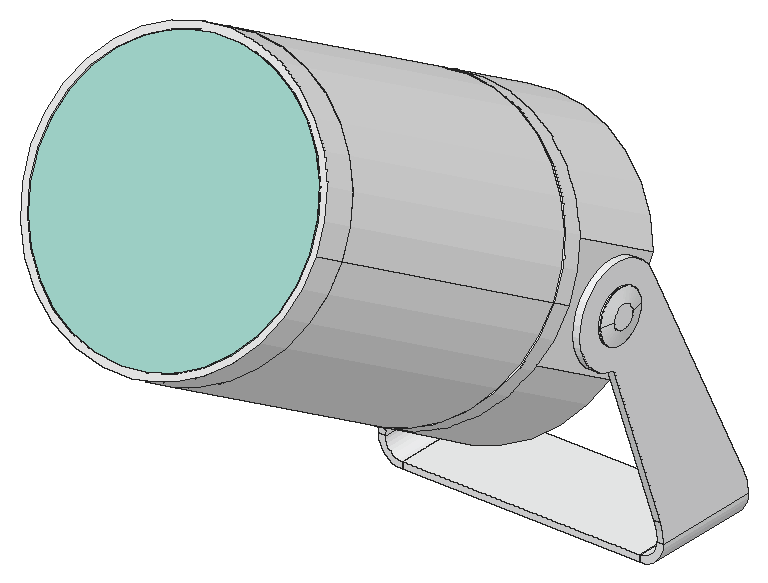
Revit family "Ginko 3.4", category Lighting Fixtures, Revit 2017 (continued)
Definition of nested family "Light Source_3.4"
  Types (4, lengths in mm): name | Photometric Web File | built-in parameter 1150142
    R2 zoom 8°x66° | "GINKO 3.4 R2 zoom 8°x66° [3000K 15W 24Vdc].IES" | "IESNA:LM-63-2002\r\n[TEST] GINKO 34 30K80 ELL ZOOM S 15W - 20180125-0822.LDT\r\n[TESTLAB] L&L\r\n[TESTDATE] 25 Jan 2018\r\n[ISSUEDATE] 25 Jan 2018\r\n[MANUFAC] L&L\r\n[LUMCAT] GINKO 3.4 R2 zoom 8°x66° [3000K 15W 24Vdc]\r\n[LUMINAIRE] GINKO 3.4 R2 zoom 8°x66° [3000K 15W 24Vdc]\r\n[FLASHAREA] 0.000304\r\n[LAMPCAT] COB LED High Density\r\n[LAMP] COB LED High Density\r\nTILT=NONE\r\n1 240.00 1.0 181 19 1 2 -0.040 -0.040 0.000\r\n1.00 1.00 15.00\r\n0.00 1.00 2.00 3.00 4.00 5.00 6.00 7.00 8.00 9.00 10.00 \r\n11.00 12.00 13.00 14.00 15.00 16.00 17.00 18.00 19.00 \r\n20.00 21.00 22.00 23.00 24.00 25.00 26.00 27.00 28.00 \r\n29.00 30.00 31.00 32.00 33.00 34.00 35.00 36.00 37.00 \r\n38.00 39.00 40.00 41.00 42.00 43.00 44.00 45.00 46.00 \r\n47.00 48.00 49.00 50.00 51.00 52.00 53.00 54.00 55.00 \r\n56.00 57.00 58.00 59.00 60.00 61.00 62.00 63.00 64.00 \r\n65.00 66.00 67.00 68.00 69.00 70.00 71.00 72.00 73.00 \r\n74.00 75.00 76.00 77.00 78.00 79.00 80.00 81.00 82.00 \r\n83.00 84.00 85.00 86.00 87.00 88.00 89.00 90.00 91.00 \r\n92.00 93.00 94.00 95.00 96.00 97.00 98.00 99.00 100.00 \r\n101.00 102.00 103.00 104.00 105.00 106.00 107.00 108.00 \r\n109.00 110.00 111.00 112.00 113.00 114.00 115.00 116.00 \r\n117.00 118.00 119.00 120.00 121.00 122.00 123.00 124.00 \r\n125.00 126.00 127.00 128.00 129.00 130.00 131.00 132.00 \r\n133.00 134.00 135.00 136.00 137.00 138.00 139.00 140.00 \r\n141.00 142.00 143.00 144.00 145.00 146.00 147.00 148.00 \r\n149.00 150.00 151.00 152.00 153.00 154.00 155.00 156.00 \r\n157.00 158.00 159.00 160.00 161.00 162.00 163.00 164.00 \r\n165.00 166.00 167.00 168.00 169.00 170.00 171.00 172.00 \r\n173.00 174.00 175.00 176.00 177.00 178.00 179.00 180.00 \r\n0.00 5.00 10.00 15.00 20.00 25.00 30.00 35.00 40.00 45.00 \r\n50.00 55.00 60.00 65.00 70.00 75.00 80.00 85.00 90.00 \r\n1682.32 1670.66 1642.16 1595.47 1534.36 1472.36 1413.03 \r\n1354.48 1305.94 1265.51 1229.58 1198.59 1169.58 1141.95 \r\n1115.45 1090.61 1069.40 1047.17 1027.90 1012.14 997.76 \r\n983.35 973.09 962.43 955.10 957.06 971.01 1001.10 1042.46 \r\n1079.67 1097.05 1076.25 996.08 871.68 693.53 504.80 \r\n355.10 219.87 128.02 78.27 47.42 33.19 25.85 22.03 19.52 \r\n17.65 16.06 14.73 13.72 12.77 11.97 11.27 10.56 9.95 9.37 \r\n8.91 8.46 8.07 7.73 7.38 7.06 6.74 6.43 6.12 5.83 5.52 \r\n5.18 4.87 4.51 4.16 3.83 3.48 3.16 2.83 2.51 2.23 1.95 \r\n1.67 1.40 1.16 0.92 0.73 0.55 0.39 0.27 0.16 0.09 0.04 \r\n0.02 0.01 0.00 0.00 0.00 0.00 0.00 0.00 0.00 0.00 0.00 \r\n0.00 0.00 0.00 0.00 0.00 0.00 0.00 0.00 0.00 0.00 0.00 \r\n0.00 0.00 0.00 0.00 0.00 0.00 0.00 0.00 0.00 0.00 0.00 \r\n0.00 0.00 0.00 0.00 0.00 0.00 0.00 0.00 0.00 0.00 0.00 \r\n0.00 0.00 0.00 0.00 0.00 0.00 0.00 0.00 0.00 0.00 0.00 \r\n0.00 0.00 0.00 0.00 0.00 0.00 0.00 0.00 0.00 0.00 0.00 \r\n0.00 0.00 0.00 0.00 0.00 0.00 0.00 0.00 0.00 0.00 0.00 \r\n0.00 0.00 0.00 0.00 0.00 0.00 0.00 0.00 0.00 0.00 0.00 \r\n0.00 0.00 0.00 0.00 0.00 \r\n1682.32 1674.72 1638.20 1587.79 1527.24 1463.24 1399.48 \r\n1338.68 1283.64 1235.50 1192.04 1155.88 1120.13 1086.84 \r\n1054.30 1024.76 995.65 966.35 940.82 916.94 894.53 872.76 \r\n853.03 833.23 818.23 807.92 808.60 820.33 839.01 856.62 \r\n859.07 832.61 768.28 657.76 530.45 389.59 268.07 169.75 \r\n102.97 62.11 39.31 27.94 21.73 18.30 15.93 14.05 12.58 \r\n11.36 10.37 9.50 8.75 8.08 7.46 6.91 6.43 6.00 5.64 5.29 \r\n4.98 4.70 4.42 4.16 3.91 3.68 3.46 3.22 3.00 2.78 2.55 \r\n2.33 2.12 1.93 1.73 1.54 1.37 1.19 1.04 0.89 0.75 0.61 \r\n0.49 0.39 0.30 0.22 0.15 0.10 0.06 0.03 0.01 0.01 0.00 \r\n0.00 0.00 0.00 0.00 0.00 0.00 0.00 0.00 0.00 0.00 0.00 \r\n0.00 0.00 0.00 0.00 0.00 0.00 0.00 0.00 0.00 0.00 0.00 \r\n0.00 0.00 0.00 0.00 0.00 0.00 0.00 0.00 0.00 0.00 0.00 \r\n0.00 0.00 0.00 0.00 0.00 0.00 0.00 0.00 0.00 0.00 0.00 \r\n0.00 0.00 0.00 0.00 0.00 0.00 0.00 0.00 0.00 0.00 0.00 \r\n0.00 0.00 0.00 0.00 0.00 0.00 0.00 0.00 0.00 0.00 0.00 \r\n0.00 0.00 0.00 0.00 0.00 0.00 0.00 0.00 0.00 0.00 0.00 \r\n0.00 0.00 0.00 0.00 0.00 0.00 0.00 0.00 0.00 0.00 0.00 \r\n0.00 0.00 \r\n1682.32 1669.24 1636.70 1580.24 1510.89 1434.10 1360.07 \r\n1286.08 1219.90 1156.99 1100.45 1047.39 996.97 946.63 \r\n896.52 849.88 804.80 758.43 717.27 677.18 640.14 604.78 \r\n572.70 540.71 510.71 484.55 464.01 448.82 439.67 431.15 \r\n418.37 393.69 352.07 297.93 237.05 174.28 119.82 78.17 \r\n50.37 33.68 23.94 18.31 14.57 12.08 10.33 8.82 7.75 6.79 \r\n6.02 5.34 4.79 4.29 3.86 3.49 3.18 2.89 2.65 2.44 2.24 \r\n2.06 1.90 1.74 1.60 1.47 1.35 1.24 1.13 1.04 0.94 0.85 \r\n0.77 0.69 0.62 0.56 0.49 0.43 0.37 0.32 0.27 0.23 0.19 \r\n0.15 0.12 0.09 0.07 0.05 0.03 0.02 0.01 0.00 0.00 0.00 \r\n0.00 0.00 0.00 0.00 0.00 0.00 0.00 0.00 0.00 0.00 0.00 \r\n0.00 0.00 0.00 0.00 0.00 0.00 0.00 0.00 0.00 0.00 0.00 \r\n0.00 0.00 0.00 0.00 0.00 0.00 0.00 0.00 0.00 0.00 0.00 \r\n0.00 0.00 0.00 0.00 0.00 0.00 0.00 0.00 0.00 0.00 0.00 \r\n0.00 0.00 0.00 0.00 0.00 0.00 0.00 0.00 0.00 0.00 0.00 \r\n0.00 0.00 0.00 0.00 0.00 0.00 0.00 0.00 0.00 0.00 0.00 \r\n0.00 0.00 0.00 0.00 0.00 0.00 0.00 0.00 0.00 0.00 0.00 \r\n0.00 0.00 0.00 0.00 0.00 0.00 0.00 0.00 0.00 0.00 0.00 \r\n0.00 \r\n1682.32 1671.20 1621.41 1560.25 1481.12 1389.64 1293.60 \r\n1203.60 1115.43 1033.15 959.32 885.39 816.90 746.83 \r\n684.57 623.58 566.88 512.32 461.46 413.68 373.55 334.87 \r\n298.72 267.32 237.14 211.43 189.03 170.27 154.69 140.97 \r\n127.88 113.82 98.33 82.29 65.37 50.10 37.86 28.65 22.13 \r\n17.61 14.38 11.78 9.92 8.40 7.17 6.21 5.42 4.77 4.21 3.75 \r\n3.35 3.01 2.71 2.46 2.24 2.04 1.88 1.73 1.58 1.46 1.34 \r\n1.23 1.12 1.03 0.95 0.87 0.79 0.72 0.66 0.60 0.54 0.49 \r\n0.44 0.39 0.35 0.31 0.27 0.24 0.20 0.17 0.14 0.12 0.10 \r\n0.07 0.06 0.04 0.03 0.02 0.01 0.00 0.00 0.00 0.00 0.00 \r\n0.00 0.00 0.00 0.00 0.00 0.00 0.00 0.00 0.00 0.00 0.00 \r\n0.00 0.00 0.00 0.00 0.00 0.00 0.00 0.00 0.00 0.00 0.00 \r\n0.00 0.00 0.00 0.00 0.00 0.00 0.00 0.00 0.00 0.00 0.00 \r\n0.00 0.00 0.00 0.00 0.00 0.00 0.00 0.00 0.00 0.00 0.00 \r\n0.00 0.00 0.00 0.00 0.00 0.00 0.00 0.00 0.00 0.00 0.00 \r\n0.00 0.00 0.00 0.00 0.00 0.00 0.00 0.00 0.00 0.00 0.00 \r\n0.00 0.00 0.00 0.00 0.00 0.00 0.00 0.00 0.00 0.00 0.00 \r\n0.00 0.00 0.00 0.00 0.00 0.00 0.00 0.00 0.00 0.00 \r\n1682.32 1664.02 1615.02 1535.88 1438.37 1330.66 1214.90 \r\n1101.85 998.11 892.91 797.68 709.44 625.28 550.24 475.23 \r\n409.34 350.39 300.06 254.00 215.01 179.91 152.05 127.45 \r\n107.69 91.30 76.92 65.71 56.84 49.63 43.61 38.90 34.36 \r\n30.29 26.24 22.91 19.73 17.00 14.47 12.53 10.74 9.34 8.02 \r\n6.98 6.10 5.31 4.67 4.13 3.68 3.28 2.95 2.66 2.40 2.18 \r\n1.99 1.82 1.67 1.54 1.42 1.30 1.20 1.10 1.01 0.92 0.85 \r\n0.78 0.71 0.65 0.60 0.54 0.49 0.45 0.41 0.37 0.33 0.29 \r\n0.26 0.23 0.20 0.17 0.15 0.12 0.10 0.08 0.07 0.05 0.04 \r\n0.03 0.02 0.01 0.00 0.00 0.00 0.00 0.00 0.00 0.00 0.00 \r\n0.00 0.00 0.00 0.00 0.00 0.00 0.00 0.00 0.00 0.00 0.00 \r\n0.00 0.00 0.00 0.00 0.00 0.00 0.00 0.00 0.00 0.00 0.00 \r\n0.00 0.00 0.00 0.00 0.00 0.00 0.00 0.00 0.00 0.00 0.00 \r\n0.00 0.00 0.00 0.00 0.00 0.00 0.00 0.00 0.00 0.00 0.00 \r\n0.00 0.00 0.00 0.00 0.00 0.00 0.00 0.00 0.00 0.00 0.00 \r\n0.00 0.00 0.00 0.00 0.00 0.00 0.00 0.00 0.00 0.00 0.00 \r\n0.00 0.00 0.00 0.00 0.00 0.00 0.00 0.00 0.00 0.00 0.00 \r\n0.00 0.00 0.00 0.00 0.00 0.00 0.00 \r\n1682.32 1664.48 1596.62 1503.48 1388.09 1255.33 1122.65 \r\n985.30 864.37 741.17 636.61 536.43 447.22 369.32 301.39 \r\n245.79 197.02 158.43 126.57 100.23 81.69 66.34 54.76 \r\n45.96 39.32 34.20 30.06 26.77 24.15 21.75 19.77 17.90 \r\n16.17 14.52 13.07 11.69 10.41 9.24 8.25 7.30 6.54 5.77 \r\n5.10 4.56 4.06 3.62 3.25 2.92 2.63 2.39 2.17 1.98 1.81 \r\n1.67 1.53 1.41 1.30 1.20 1.11 1.01 0.93 0.86 0.78 0.72 \r\n0.66 0.60 0.55 0.50 0.46 0.42 0.38 0.34 0.31 0.28 0.25 \r\n0.22 0.19 0.17 0.15 0.12 0.11 0.09 0.07 0.06 0.04 0.03 \r\n0.02 0.02 0.01 0.00 0.00 0.00 0.00 0.00 0.00 0.00 0.00 \r\n0.00 0.00 0.00 0.00 0.00 0.00 0.00 0.00 0.00 0.00 0.00 \r\n0.00 0.00 0.00 0.00 0.00 0.00 0.00 0.00 0.00 0.00 0.00 \r\n0.00 0.00 0.00 0.00 0.00 0.00 0.00 0.00 0.00 0.00 0.00 \r\n0.00 0.00 0.00 0.00 0.00 0.00 0.00 0.00 0.00 0.00 0.00 \r\n0.00 0.00 0.00 0.00 0.00 0.00 0.00 0.00 0.00 0.00 0.00 \r\n0.00 0.00 0.00 0.00 0.00 0.00 0.00 0.00 0.00 0.00 0.00 \r\n0.00 0.00 0.00 0.00 0.00 0.00 0.00 0.00 0.00 0.00 0.00 \r\n0.00 0.00 0.00 0.00 0.00 0.00 0.00 \r\n1682.32 1654.18 1585.14 1473.35 1331.52 1182.66 1022.26 \r\n872.63 731.40 597.09 488.64 389.28 308.38 240.14 181.53 \r\n140.91 106.44 82.39 64.90 52.04 42.71 35.77 30.68 26.96 \r\n23.66 21.09 18.91 16.97 15.34 14.01 12.76 11.63 10.63 \r\n9.64 8.76 7.95 7.23 6.53 5.88 5.30 4.79 4.30 3.90 3.50 \r\n3.15 2.87 2.60 2.36 2.16 1.98 1.81 1.66 1.54 1.42 1.31 \r\n1.21 1.12 1.03 0.95 0.87 0.80 0.73 0.67 0.62 0.57 0.52 \r\n0.48 0.44 0.40 0.36 0.33 0.30 0.27 0.24 0.22 0.19 0.17 \r\n0.15 0.13 0.11 0.09 0.08 0.06 0.05 0.04 0.03 0.02 0.01 \r\n0.01 0.00 0.00 0.00 0.00 0.00 0.00 0.00 0.00 0.00 0.00 \r\n0.00 0.00 0.00 0.00 0.00 0.00 0.00 0.00 0.00 0.00 0.00 \r\n0.00 0.00 0.00 0.00 0.00 0.00 0.00 0.00 0.00 0.00 0.00 \r\n0.00 0.00 0.00 0.00 0.00 0.00 0.00 0.00 0.00 0.00 0.00 \r\n0.00 0.00 0.00 0.00 0.00 0.00 0.00 0.00 0.00 0.00 0.00 \r\n0.00 0.00 0.00 0.00 0.00 0.00 0.00 0.00 0.00 0.00 0.00 \r\n0.00 0.00 0.00 0.00 0.00 0.00 0.00 0.00 0.00 0.00 0.00 \r\n0.00 0.00 0.00 0.00 0.00 0.00 0.00 0.00 0.00 0.00 0.00 \r\n0.00 0.00 0.00 0.00 0.00 \r\n1682.32 1653.25 1560.90 1434.31 1278.66 1106.61 926.61 \r\n760.27 606.42 474.16 365.99 273.55 205.18 148.53 109.32 \r\n81.44 61.94 48.59 39.27 32.85 27.85 24.16 21.06 18.61 \r\n16.59 14.83 13.32 12.03 10.90 9.92 9.04 8.24 7.54 6.87 \r\n6.27 5.70 5.21 4.73 4.31 3.93 3.57 3.25 2.97 2.71 2.48 \r\n2.27 2.09 1.92 1.77 1.63 1.51 1.40 1.29 1.20 1.11 1.02 \r\n0.94 0.87 0.81 0.74 0.68 0.63 0.58 0.53 0.49 0.45 0.41 \r\n0.38 0.35 0.32 0.29 0.26 0.24 0.21 0.19 0.17 0.15 0.13 \r\n0.11 0.10 0.08 0.07 0.06 0.04 0.03 0.03 0.02 0.01 0.01 \r\n0.00 0.00 0.00 0.00 0.00 0.00 0.00 0.00 0.00 0.00 0.00 \r\n0.00 0.00 0.00 0.00 0.00 0.00 0.00 0.00 0.00 0.00 0.00 \r\n0.00 0.00 0.00 0.00 0.00 0.00 0.00 0.00 0.00 0.00 0.00 \r\n0.00 0.00 0.00 0.00 0.00 0.00 0.00 0.00 0.00 0.00 0.00 \r\n0.00 0.00 0.00 0.00 0.00 0.00 0.00 0.00 0.00 0.00 0.00 \r\n0.00 0.00 0.00 0.00 0.00 0.00 0.00 0.00 0.00 0.00 0.00 \r\n0.00 0.00 0.00 0.00 0.00 0.00 0.00 0.00 0.00 0.00 0.00 \r\n0.00 0.00 0.00 0.00 0.00 0.00 0.00 0.00 0.00 0.00 0.00 \r\n0.00 0.00 0.00 0.00 \r\n1682.32 1645.91 1549.47 1398.34 1225.43 1027.16 833.35 \r\n659.33 500.04 371.85 271.25 191.89 136.61 96.86 70.16 \r\n52.82 41.53 33.91 28.39 24.19 20.85 18.11 15.86 14.08 \r\n12.52 11.19 10.03 9.10 8.21 7.43 6.74 6.16 5.60 5.12 4.67 \r\n4.25 3.89 3.56 3.27 3.00 2.77 2.55 2.35 2.17 2.00 1.85 \r\n1.71 1.59 1.48 1.37 1.27 1.18 1.09 1.01 0.94 0.87 0.80 \r\n0.74 0.69 0.63 0.59 0.54 0.50 0.46 0.43 0.39 0.36 0.33 \r\n0.30 0.28 0.25 0.23 0.21 0.19 0.17 0.15 0.13 0.11 0.10 \r\n0.09 0.07 0.06 0.05 0.04 0.03 0.02 0.02 0.01 0.01 0.00 \r\n0.00 0.00 0.00 0.00 0.00 0.00 0.00 0.00 0.00 0.00 0.00 \r\n0.00 0.00 0.00 0.00 0.00 0.00 0.00 0.00 0.00 0.00 0.00 \r\n0.00 0.00 0.00 0.00 0.00 0.00 0.00 0.00 0.00 0.00 0.00 \r\n0.00 0.00 0.00 0.00 0.00 0.00 0.00 0.00 0.00 0.00 0.00 \r\n0.00 0.00 0.00 0.00 0.00 0.00 0.00 0.00 0.00 0.00 0.00 \r\n0.00 0.00 0.00 0.00 0.00 0.00 0.00 0.00 0.00 0.00 0.00 \r\n0.00 0.00 0.00 0.00 0.00 0.00 0.00 0.00 0.00 0.00 0.00 \r\n0.00 0.00 0.00 0.00 0.00 0.00 0.00 0.00 0.00 0.00 0.00 \r\n0.00 0.00 0.00 \r\n1682.32 1639.88 1523.85 1360.40 1165.42 953.19 749.26 \r\n564.42 408.87 284.99 200.22 135.73 93.34 65.00 48.61 \r\n38.48 31.19 25.93 22.06 18.92 16.38 14.32 12.63 11.17 \r\n9.91 8.82 7.92 7.09 6.40 5.79 5.23 4.77 4.35 3.96 3.63 \r\n3.34 3.07 2.83 2.62 2.43 2.25 2.08 1.93 1.79 1.66 1.55 \r\n1.43 1.33 1.24 1.15 1.07 0.99 0.92 0.85 0.79 0.73 0.68 \r\n0.63 0.59 0.54 0.50 0.47 0.43 0.40 0.37 0.34 0.32 0.29 \r\n0.27 0.24 0.22 0.20 0.18 0.16 0.15 0.13 0.12 0.10 0.09 \r\n0.08 0.07 0.05 0.05 0.04 0.03 0.02 0.02 0.01 0.01 0.00 \r\n0.00 0.00 0.00 0.00 0.00 0.00 0.00 0.00 0.00 0.00 0.00 \r\n0.00 0.00 0.00 0.00 0.00 0.00 0.00 0.00 0.00 0.00 0.00 \r\n0.00 0.00 0.00 0.00 0.00 0.00 0.00 0.00 0.00 0.00 0.00 \r\n0.00 0.00 0.00 0.00 0.00 0.00 0.00 0.00 0.00 0.00 0.00 \r\n0.00 0.00 0.00 0.00 0.00 0.00 0.00 0.00 0.00 0.00 0.00 \r\n0.00 0.00 0.00 0.00 0.00 0.00 0.00 0.00 0.00 0.00 0.00 \r\n0.00 0.00 0.00 0.00 0.00 0.00 0.00 0.00 0.00 0.00 0.00 \r\n0.00 0.00 0.00 0.00 0.00 0.00 0.00 0.00 0.00 0.00 0.00 \r\n0.00 0.00 0.00 \r\n1682.32 1632.95 1511.64 1323.56 1107.90 883.56 671.28 \r\n487.44 339.28 226.22 148.94 98.71 69.12 50.25 38.63 31.02 \r\n25.44 21.46 18.19 15.63 13.56 11.83 10.38 9.19 8.12 7.23 \r\n6.46 5.77 5.20 4.67 4.24 3.87 3.53 3.23 2.97 2.75 2.54 \r\n2.34 2.18 2.02 1.88 1.74 1.62 1.51 1.40 1.29 1.20 1.12 \r\n1.03 0.96 0.89 0.83 0.77 0.71 0.66 0.62 0.57 0.54 0.50 \r\n0.46 0.43 0.40 0.37 0.35 0.32 0.30 0.27 0.25 0.23 0.21 \r\n0.19 0.18 0.16 0.15 0.13 0.12 0.10 0.09 0.08 0.07 0.06 \r\n0.05 0.04 0.03 0.03 0.02 0.01 0.01 0.01 0.00 0.00 0.00 \r\n0.00 0.00 0.00 0.00 0.00 0.00 0.00 0.00 0.00 0.00 0.00 \r\n0.00 0.00 0.00 0.00 0.00 0.00 0.00 0.00 0.00 0.00 0.00 \r\n0.00 0.00 0.00 0.00 0.00 0.00 0.00 0.00 0.00 0.00 0.00 \r\n0.00 0.00 0.00 0.00 0.00 0.00 0.00 0.00 0.00 0.00 0.00 \r\n0.00 0.00 0.00 0.00 0.00 0.00 0.00 0.00 0.00 0.00 0.00 \r\n0.00 0.00 0.00 0.00 0.00 0.00 0.00 0.00 0.00 0.00 0.00 \r\n0.00 0.00 0.00 0.00 0.00 0.00 0.00 0.00 0.00 0.00 0.00 \r\n0.00 0.00 0.00 0.00 0.00 0.00 0.00 0.00 0.00 0.00 0.00 \r\n0.00 \r\n1682.32 1631.74 1492.32 1294.12 1054.45 822.86 605.27 \r\n418.21 280.52 181.66 115.46 76.04 53.40 40.15 31.74 26.08 \r\n21.61 18.15 15.44 13.37 11.57 10.11 8.87 7.80 6.87 6.09 \r\n5.42 4.82 4.35 3.93 3.58 3.26 3.00 2.75 2.53 2.33 2.15 \r\n1.99 1.84 1.70 1.58 1.46 1.35 1.25 1.16 1.07 0.99 0.92 \r\n0.85 0.79 0.74 0.69 0.64 0.60 0.56 0.52 0.48 0.45 0.42 \r\n0.39 0.36 0.34 0.32 0.29 0.27 0.25 0.23 0.22 0.20 0.18 \r\n0.17 0.16 0.14 0.13 0.12 0.11 0.10 0.09 0.08 0.07 0.06 \r\n0.05 0.04 0.03 0.03 0.02 0.01 0.01 0.01 0.00 0.00 0.00 \r\n0.00 0.00 0.00 0.00 0.00 0.00 0.00 0.00 0.00 0.00 0.00 \r\n0.00 0.00 0.00 0.00 0.00 0.00 0.00 0.00 0.00 0.00 0.00 \r\n0.00 0.00 0.00 0.00 0.00 0.00 0.00 0.00 0.00 0.00 0.00 \r\n0.00 0.00 0.00 0.00 0.00 0.00 0.00 0.00 0.00 0.00 0.00 \r\n0.00 0.00 0.00 0.00 0.00 0.00 0.00 0.00 0.00 0.00 0.00 \r\n0.00 0.00 0.00 0.00 0.00 0.00 0.00 0.00 0.00 0.00 0.00 \r\n0.00 0.00 0.00 0.00 0.00 0.00 0.00 0.00 0.00 0.00 0.00 \r\n0.00 0.00 0.00 0.00 0.00 0.00 0.00 0.00 0.00 0.00 0.00 \r\n0.00 \r\n1682.32 1625.72 1477.26 1254.33 1009.10 765.76 547.27 \r\n370.46 236.64 148.07 92.78 62.93 45.09 34.61 27.65 22.74 \r\n18.87 15.99 13.73 11.74 10.11 8.88 7.75 6.82 6.00 5.29 \r\n4.69 4.21 3.81 3.44 3.13 2.87 2.63 2.42 2.22 2.05 1.88 \r\n1.73 1.60 1.47 1.35 1.25 1.15 1.06 0.98 0.91 0.84 0.78 \r\n0.72 0.67 0.62 0.58 0.54 0.50 0.47 0.44 0.41 0.38 0.35 \r\n0.33 0.31 0.29 0.27 0.25 0.24 0.22 0.21 0.20 0.18 0.17 \r\n0.16 0.15 0.14 0.12 0.11 0.10 0.09 0.08 0.07 0.06 0.05 \r\n0.05 0.04 0.03 0.02 0.02 0.01 0.01 0.01 0.00 0.00 0.00 \r\n0.00 0.00 0.00 0.00 0.00 0.00 0.00 0.00 0.00 0.00 0.00 \r\n0.00 0.00 0.00 0.00 0.00 0.00 0.00 0.00 0.00 0.00 0.00 \r\n0.00 0.00 0.00 0.00 0.00 0.00 0.00 0.00 0.00 0.00 0.00 \r\n0.00 0.00 0.00 0.00 0.00 0.00 0.00 0.00 0.00 0.00 0.00 \r\n0.00 0.00 0.00 0.00 0.00 0.00 0.00 0.00 0.00 0.00 0.00 \r\n0.00 0.00 0.00 0.00 0.00 0.00 0.00 0.00 0.00 0.00 0.00 \r\n0.00 0.00 0.00 0.00 0.00 0.00 0.00 0.00 0.00 0.00 0.00 \r\n0.00 0.00 0.00 0.00 0.00 0.00 0.00 0.00 0.00 0.00 0.00 \r\n0.00 \r\n1682.32 1616.40 1458.27 1225.44 976.33 715.23 499.66 \r\n328.09 200.59 122.72 77.41 53.38 39.23 30.43 24.61 20.45 \r\n17.05 14.40 12.33 10.54 9.16 7.90 6.93 6.06 5.34 4.73 \r\n4.20 3.78 3.40 3.10 2.83 2.59 2.37 2.18 2.00 1.83 1.68 \r\n1.54 1.41 1.30 1.19 1.10 1.01 0.93 0.86 0.80 0.74 0.69 \r\n0.64 0.59 0.55 0.51 0.47 0.44 0.41 0.38 0.35 0.33 0.31 \r\n0.29 0.28 0.26 0.25 0.24 0.22 0.21 0.20 0.19 0.18 0.17 \r\n0.15 0.14 0.13 0.12 0.11 0.10 0.09 0.08 0.07 0.06 0.05 \r\n0.05 0.04 0.03 0.02 0.02 0.01 0.01 0.01 0.00 0.00 0.00 \r\n0.00 0.00 0.00 0.00 0.00 0.00 0.00 0.00 0.00 0.00 0.00 \r\n0.00 0.00 0.00 0.00 0.00 0.00 0.00 0.00 0.00 0.00 0.00 \r\n0.00 0.00 0.00 0.00 0.00 0.00 0.00 0.00 0.00 0.00 0.00 \r\n0.00 0.00 0.00 0.00 0.00 0.00 0.00 0.00 0.00 0.00 0.00 \r\n0.00 0.00 0.00 0.00 0.00 0.00 0.00 0.00 0.00 0.00 0.00 \r\n0.00 0.00 0.00 0.00 0.00 0.00 0.00 0.00 0.00 0.00 0.00 \r\n0.00 0.00 0.00 0.00 0.00 0.00 0.00 0.00 0.00 0.00 0.00 \r\n0.00 0.00 0.00 0.00 0.00 0.00 0.00 0.00 0.00 0.00 0.00 \r\n0.00 \r\n1682.32 1622.10 1443.31 1204.21 941.38 683.77 469.20 \r\n294.13 1
      81.35 107.24 69.03 47.38 35.89 28.46 22.65 18.84 \r\n15.74 13.31 11.33 9.72 8.42 7.26 6.35 5.54 4.87 4.33 3.88 \r\n3.48 3.15 2.87 2.61 2.40 2.19 2.01 1.83 1.68 1.54 1.40 \r\n1.29 1.19 1.09 1.00 0.93 0.86 0.79 0.73 0.68 0.63 0.58 \r\n0.54 0.50 0.46 0.43 0.40 0.37 0.35 0.33 0.31 0.29 0.28 \r\n0.27 0.25 0.24 0.23 0.22 0.21 0.20 0.19 0.18 0.16 0.15 \r\n0.14 0.13 0.12 0.11 0.10 0.09 0.08 0.07 0.06 0.05 0.05 \r\n0.04 0.03 0.02 0.02 0.01 0.01 0.01 0.00 0.00 0.00 0.00 \r\n0.00 0.00 0.00 0.00 0.00 0.00 0.00 0.00 0.00 0.00 0.00 \r\n0.00 0.00 0.00 0.00 0.00 0.00 0.00 0.00 0.00 0.00 0.00 \r\n0.00 0.00 0.00 0.00 0.00 0.00 0.00 0.00 0.00 0.00 0.00 \r\n0.00 0.00 0.00 0.00 0.00 0.00 0.00 0.00 0.00 0.00 0.00 \r\n0.00 0.00 0.00 0.00 0.00 0.00 0.00 0.00 0.00 0.00 0.00 \r\n0.00 0.00 0.00 0.00 0.00 0.00 0.00 0.00 0.00 0.00 0.00 \r\n0.00 0.00 0.00 0.00 0.00 0.00 0.00 0.00 0.00 0.00 0.00 \r\n0.00 0.00 0.00 0.00 0.00 0.00 0.00 0.00 0.00 0.00 0.00 \r\n1682.32 1613.41 1438.40 1190.69 911.34 653.95 431.36 \r\n266.73 159.49 94.20 61.90 43.67 33.03 26.22 21.28 17.57 \r\n14.75 12.49 10.60 9.13 7.88 6.80 5.91 5.18 4.56 4.05 3.62 \r\n3.26 2.96 2.69 2.46 2.25 2.06 1.88 1.72 1.56 1.43 1.31 \r\n1.20 1.10 1.02 0.94 0.87 0.80 0.74 0.68 0.63 0.58 0.54 \r\n0.50 0.46 0.43 0.40 0.37 0.35 0.33 0.32 0.30 0.29 0.28 \r\n0.26 0.25 0.24 0.23 0.22 0.21 0.20 0.19 0.18 0.17 0.16 \r\n0.14 0.13 0.12 0.11 0.10 0.09 0.08 0.07 0.06 0.06 0.05 \r\n0.04 0.03 0.02 0.02 0.01 0.01 0.01 0.00 0.00 0.00 0.00 \r\n0.00 0.00 0.00 0.00 0.00 0.00 0.00 0.00 0.00 0.00 0.00 \r\n0.00 0.00 0.00 0.00 0.00 0.00 0.00 0.00 0.00 0.00 0.00 \r\n0.00 0.00 0.00 0.00 0.00 0.00 0.00 0.00 0.00 0.00 0.00 \r\n0.00 0.00 0.00 0.00 0.00 0.00 0.00 0.00 0.00 0.00 0.00 \r\n0.00 0.00 0.00 0.00 0.00 0.00 0.00 0.00 0.00 0.00 0.00 \r\n0.00 0.00 0.00 0.00 0.00 0.00 0.00 0.00 0.00 0.00 0.00 \r\n0.00 0.00 0.00 0.00 0.00 0.00 0.00 0.00 0.00 0.00 0.00 \r\n0.00 0.00 0.00 0.00 0.00 0.00 0.00 0.00 0.00 0.00 0.00 \r\n1682.32 1613.08 1429.18 1173.34 893.95 633.14 418.41 \r\n254.09 151.61 91.45 58.25 41.29 31.72 25.23 20.37 16.92 \r\n14.21 12.00 10.26 8.75 7.53 6.49 5.66 4.95 4.38 3.89 3.48 \r\n3.14 2.85 2.59 2.36 2.16 1.97 1.80 1.64 1.49 1.36 1.25 \r\n1.14 1.05 0.97 0.89 0.83 0.76 0.70 0.65 0.60 0.55 0.51 \r\n0.47 0.44 0.41 0.38 0.36 0.34 0.33 0.31 0.30 0.29 0.28 \r\n0.26 0.25 0.24 0.23 0.22 0.21 0.20 0.19 0.18 0.17 0.16 \r\n0.15 0.14 0.13 0.12 0.11 0.10 0.09 0.08 0.07 0.06 0.05 \r\n0.04 0.03 0.02 0.02 0.01 0.01 0.01 0.00 0.00 0.00 0.00 \r\n0.00 0.00 0.00 0.00 0.00 0.00 0.00 0.00 0.00 0.00 0.00 \r\n0.00 0.00 0.00 0.00 0.00 0.00 0.00 0.00 0.00 0.00 0.00 \r\n0.00 0.00 0.00 0.00 0.00 0.00 0.00 0.00 0.00 0.00 0.00 \r\n0.00 0.00 0.00 0.00 0.00 0.00 0.00 0.00 0.00 0.00 0.00 \r\n0.00 0.00 0.00 0.00 0.00 0.00 0.00 0.00 0.00 0.00 0.00 \r\n0.00 0.00 0.00 0.00 0.00 0.00 0.00 0.00 0.00 0.00 0.00 \r\n0.00 0.00 0.00 0.00 0.00 0.00 0.00 0.00 0.00 0.00 0.00 \r\n0.00 0.00 0.00 0.00 0.00 0.00 0.00 0.00 0.00 0.00 0.00 \r\n1682.32 1613.19 1422.83 1170.09 884.94 619.95 402.63 \r\n244.76 143.40 85.88 55.81 39.87 30.50 24.36 19.81 16.48 \r\n13.88 11.70 9.95 8.54 7.32 6.31 5.51 4.83 4.25 3.79 3.39 \r\n3.06 2.77 2.52 2.30 2.10 1.92 1.75 1.59 1.45 1.33 1.21 \r\n1.11 1.02 0.94 0.87 0.80 0.74 0.68 0.63 0.58 0.53 0.49 \r\n0.46 0.42 0.40 0.37 0.35 0.34 0.32 0.31 0.30 0.29 0.27 \r\n0.26 0.25 0.24 0.23 0.22 0.21 0.20 0.19 0.18 0.17 0.16 \r\n0.15 0.14 0.13 0.12 0.11 0.10 0.09 0.08 0.07 0.06 0.05 \r\n0.04 0.03 0.03 0.02 0.01 0.01 0.01 0.00 0.00 0.00 0.00 \r\n0.00 0.00 0.00 0.00 0.00 0.00 0.00 0.00 0.00 0.00 0.00 \r\n0.00 0.00 0.00 0.00 0.00 0.00 0.00 0.00 0.00 0.00 0.00 \r\n0.00 0.00 0.00 0.00 0.00 0.00 0.00 0.00 0.00 0.00 0.00 \r\n0.00 0.00 0.00 0.00 0.00 0.00 0.00 0.00 0.00 0.00 0.00 \r\n0.00 0.00 0.00 0.00 0.00 0.00 0.00 0.00 0.00 0.00 0.00 \r\n0.00 0.00 0.00 0.00 0.00 0.00 0.00 0.00 0.00 0.00 0.00 \r\n0.00 0.00 0.00 0.00 0.00 0.00 0.00 0.00 0.00 0.00 0.00 \r\n0.00 0.00 0.00 0.00 0.00 0.00 0.00 0.00 0.00 0.00 0.00 \r\n1682.32 1579.73 1361.57 1087.44 810.06 550.15 355.54 \r\n205.23 119.46 73.79 50.12 36.93 28.89 23.17 18.80 15.69 \r\n13.15 11.23 9.56 8.23 7.08 6.12 5.29 4.67 4.12 3.67 3.30 \r\n2.99 2.70 2.46 2.25 2.06 1.87 1.70 1.55 1.41 1.29 1.18 \r\n1.08 1.00 0.92 0.85 0.78 0.72 0.66 0.61 0.56 0.52 0.48 \r\n0.45 0.42 0.39 0.37 0.35 0.34 0.32 0.31 0.30 0.28 0.27 \r\n0.26 0.25 0.24 0.23 0.22 0.21 0.20 0.19 0.18 0.17 0.16 \r\n0.15 0.14 0.13 0.12 0.11 0.10 0.09 0.08 0.07 0.06 0.05 \r\n0.04 0.03 0.02 0.02 0.01 0.01 0.00 0.00 0.00 0.00 0.00 \r\n0.00 0.00 0.00 0.00 0.00 0.00 0.00 0.00 0.00 0.00 0.00 \r\n0.00 0.00 0.00 0.00 0.00 0.00 0.00 0.00 0.00 0.00 0.00 \r\n0.00 0.00 0.00 0.00 0.00 0.00 0.00 0.00 0.00 0.00 0.00 \r\n0.00 0.00 0.00 0.00 0.00 0.00 0.00 0.00 0.00 0.00 0.00 \r\n0.00 0.00 0.00 0.00 0.00 0.00 0.00 0.00 0.00 0.00 0.00 \r\n0.00 0.00 0.00 0.00 0.00 0.00 0.00 0.00 0.00 0.00 0.00 \r\n0.00 0.00 0.00 0.00 0.00 0.00 0.00 0.00 0.00 0.00 0.00 \r\n0.00 0.00 0.00 0.00 0.00 0.00 0.00 0.00 0.00 0.00 0.00 \r\n"
